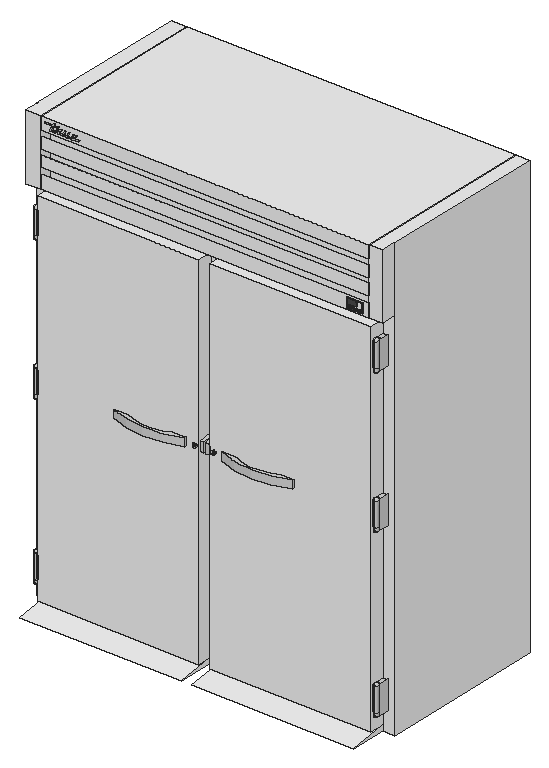
Revit family
Parameters
  Weight in Pounds = 0
  Watts = Volts * FL Amps  # 920 W
  Volts = 115 V
  URL Cutsheet = "www.truemfg.com"
  URL = "www.truemfg.com"
  Type Mark [instance] = ""
  Type Comments = ""
  Status [instance] = ""
  Specification by User [instance] = ""
  Specification by Manufacturer = ""
  Show Logo [instance] = yes
  Show Clearance [instance] = yes
  Serial Number = ""
  Seismic Rating = ""
  SMACNA No = ""
  Revision Code [instance] = ""
  Phase = 1
  Omniclass Number and Title = ""
  Number of Poles [instance] = 1
  NAFEM Spec ID Number = ""
  Model = "STG2RRI-2S"
  Min Ckt Ampacity = 0 A
  Max Overcurrent Protection = 0 A
  Masterspec = ""
  Manufacturer = "TRUE FOOD SERVICE EQUIPMENT, INC."
  Length = 68"
  Item Number [instance] = ""
  Installed By [instance] = ""
  Identify Quantity as Lot [instance] = yes
  Height = 83 3/4"
  HP = "1 1/5"
  Furnished By [instance] = ""
  Foodservice Equipment Identifier [instance] = yes
  FL Amps = 8 A
  Electrical Remarks [instance] = ""
  Electric Connection Type [instance] = ""
  Elec Conn RI Height [instance] = 0"
  Elec Conn Connection Height [instance] = 0"
  Description = "Roll-in Solid Swing Door Freezer"
  Depth = 34 3/4"
  Cycle = 60 Hz
  Conn Plug = "14-20P"
  Conn Conduit = yes
  CSI MasterFormat = ""
  CSI Master Format = ""
  Apparent Power = if(Phase = 3, Volts * FL Amps * 1.73, Volts * FL Amps)  # 920 VA
Reference planes (in)
  plane 1 "BACK": y = 0
  plane 2: z = 0
  plane 3 "LEFT": x = 0
  plane 4 "RIGHT": x = 68
  plane 5 "FRONT": y = -34.75
  plane 6 "TOP": z = 83.75
  plane 7: x = 2.84375
  plane 8: y = -34.7042
  plane 9: x = 34
  plane 10: z = 69.90625
Forms (in)
  Extrusion 1, solid, material "QF_Finishes_Chrome - Satin"
    sketch origin (0.05, 0, 0) x (1, 0, 0) y (0, 1, 0)
      loop
        line (-0.05, 0) -> (-0.05, -32) -> (2.87859, -32) -> (2.87859, 0) -> (-0.05, 0)
    from 0 to 83.75
  Extrusion 2, solid, material "QF_Finishes_Chrome - Satin"
    sketch origin (50.15, 0, 0) x (1, 0, 0) y (0, 1, 0)
      loop
        line (15.15, 0) -> (15.15, -32) -> (17.85, -32) -> (17.85, 0) -> (15.15, 0)
    from 0 to 83.75
  Extrusion 3, solid, material "QF_Finishes_Chrome - Satin"
    sketch origin (0, 0, 0) x (0, 1, 0) y (0, 0, 1)
      loop
        line (-34.7042, 71.28125) -> (-32, 71.28125) -> (-32, 0) -> (0, 0) -> (0, 83.75) -> (-34.7042, 83.75) -> (-34.7042, 81.40578) -> (-32.5, 79.83852) -> (-32.5, 78.71625) -> (-34.7042, 80.28351) -> (-34.7042, 78.1498) -> (-32.5, 76.58254) -> (-32.5, 75.62178) -> (-34.7042, 77.18904) -> (-34.7042, 75.09284) -> (-32.5, 73.52557) -> (-32.5, 72.25) -> (-34.7042, 73.81726) -> (-34.7042, 71.28125)
    from 2.92859 to 65.3
  Extrusion 4, solid, material "QF_Finishes_Chrome - Satin"
    sketch origin (0, 0, 0) x (1, 0, 0) y (0, 1, 0)
      loop
        line (67.84782, -32) -> (65.3, -32) -> (65.3, -34.75) -> (67.84782, -34.75) -> (67.84782, -32)
    from 71.28125 to 83.75
  Extrusion 5, solid, material "QF_Finishes_Chrome - Satin"
    sketch origin (-50.125, 0, 0.25) x (1, 0, 0) y (0, 1, 0)
      loop
        line (53.05359, -32) -> (50.24109, -32) -> (50.24109, -34.75) -> (53.05359, -34.75) -> (53.05359, -32)
    from 71.03125 to 83.5
  Extrusion 6, solid, material "QF_Finishes_Chrome - Satin"
    sketch origin (8.03125, -1, -0.71875) x (1, 0, 0) y (0, 0, 1)
      loop
        line (26.96875, 1.71875) -> (57.65625, 1.71875) -> (57.65625, 70.625) -> (26.96875, 70.625) -> (26.96875, 1.71875)
    from 31 to 33.75
  Extrusion 7, solid, material "QF_Finishes_Handrails and Railings"
    sketch origin (91.34375, -0.25, 26.43519) x (1, 0, 0) y (0, 1, 0)
      loop
        line (-53.875, -34.5) -> (-53.875, -34.7)
        arc (-53.875, -34.7) -> (-47.075, -36.14405) -> (-40.275, -34.7) r 16.7325
        line (-40.275, -34.7) -> (-40.275, -34.5) -> (-42.675, -34.5)
        arc (-42.675, -34.5) -> (-47.075, -35.65816) -> (-51.475, -34.5) r 8.93715
        line (-51.475, -34.5) -> (-53.875, -34.5)
    from 10.87731 to 12.37731
  Extrusion 8, solid, material "QF_Finishes_Handrails and Railings"
    sketch origin (9.34375, -1.08467, -2) x (1, 0, 0) y (0, 0, 1)
      loop
        circle (26.4375, 40.0625) r 0.35
      loop
        line (26.47265, 40.33635) -> (26.41715, 40.33635) -> (26.41715, 39.76895) -> (26.47265, 39.76895) -> (26.47265, 40.33635)
    from 33.5 to 33.83066
  Extrusion 9, solid, material "QF_Finishes_Handrails and Railings", visible <- "Show Logo"
    sketch origin (0.33478, 0.06376, 5.00294) x (1, 0, 0) y (0, 0, 1)
      loop
        line (3.46044, 78.08731) -> (3.35478, 77.86073) -> (4.76027, 77.86073)
        arc (4.76027, 77.86073) -> (4.78879, 77.81028) -> (4.76027, 77.75984) r 0.05887
        line (4.76027, 77.75984) -> (4.39369, 76.97372)
        arc (4.39369, 76.97372) -> (4.39051, 76.90091) -> (4.43975, 76.84717) r 0.09523
        line (4.43975, 76.84717) -> (5.33844, 76.84717)
        arc (5.33844, 76.84717) -> (5.45192, 76.88295) -> (5.52436, 76.97735) r 0.19785
        line (5.52436, 76.97735) -> (5.81285, 77.59601) -> (6.0779, 77.59601)
        arc (6.0779, 77.59601) -> (6.14744, 77.57043) -> (6.13737, 77.49703) r 0.05911
        line (6.13737, 77.49703) -> (5.89598, 76.97937)
        arc (5.89598, 76.97937) -> (5.89974, 76.8934) -> (5.97231, 76.84717) r 0.09318
        line (5.97231, 76.84717) -> (6.76198, 76.84717)
        arc (6.76198, 76.84717) -> (6.82249, 76.86919) -> (6.85468, 76.92495) r 0.09412
        arc (6.85468, 76.92495) -> (6.87746, 76.86995) -> (6.93246, 76.84717) r 0.07778
        line (6.93246, 76.84717) -> (7.43246, 76.84717)
        arc (7.43246, 76.84717) -> (7.49022, 76.86265) -> (7.53251, 76.90493) r 0.11552
        arc (7.53251, 76.90493) -> (7.55275, 76.85606) -> (7.60162, 76.83581) r 0.06912
        line (7.60162, 76.83581) -> (8.31225, 76.83581)
        arc (8.31225, 76.83581) -> (8.37034, 76.85988) -> (8.39441, 76.91797) r 0.08216
        arc (8.39441, 76.91797) -> (8.44767, 76.86472) -> (8.52042, 76.84522) r 0.14551
        line (8.52042, 76.84522) -> (9.85158, 76.84522) -> (9.99946, 77.10134) -> (8.65678, 77.10134)
        arc (8.65678, 77.10134) -> (8.61972, 77.12704) -> (8.61834, 77.17211) r 0.05009
        line (8.61834, 77.17211) -> (8.64157, 77.22192)
        arc (8.64157, 77.22192) -> (8.67723, 77.26864) -> (8.73327, 77.28635) r 0.09747
        line (8.73327, 77.28635) -> (9.16485, 77.28635)
        arc (9.16485, 77.28635) -> (9.258, 77.31131) -> (9.32619, 77.3795) r 0.1863
        line (9.32619, 77.3795) -> (9.45119, 77.59601)
        arc (9.45119, 77.59601) -> (9.45119, 77.71157) -> (9.35111, 77.76934) r 0.11556
        line (9.35111, 77.76934) -> (8.89562, 77.76934)
        arc (8.89562, 77.76934) -> (8.7795, 77.74962) -> (8.69849, 77.66412) r 0.18605
        line (8.69849, 77.66412) -> (8.48204, 77.19993)
        arc (8.48204, 77.19993) -> (8.41815, 77.11667) -> (8.31806, 77.08511) r 0.1745
        line (8.31806, 77.08511) -> (7.84559, 77.08511)
        arc (7.84559, 77.08511) -> (7.78903, 77.14684) -> (7.79268, 77.23048) r 0.10939
        line (7.79268, 77.23048) -> (8.04395, 77.76934) -> (7.88403, 77.76934) -> (7.61781, 77.19844)
        arc (7.61781, 77.19844) -> (7.56609, 77.13103) -> (7.48505, 77.10548) r 0.14128
        line (7.48505, 77.10548) -> (7.15925, 77.10548)
        arc (7.15925, 77.10548) -> (7.10419, 77.17723) -> (7.116, 77.26689) r 0.11816
        line (7.116, 77.26689) -> (7.3503, 77.76934) -> (7.18514, 77.76934) -> (6.91546, 77.191)
        arc (6.91546, 77.191) -> (6.85285, 77.12839) -> (6.76733, 77.10548) r 0.17104
        line (6.76733, 77.10548) -> (6.29555, 77.10548)
        arc (6.29555, 77.10548) -> (6.21082, 77.14499) -> (6.20267, 77.23813) r 0.0935
        line (6.20267, 77.23813) -> (6.35774, 77.57069) -> (6.57695, 77.57069)
        arc (6.57695, 77.57069) -> (6.61395, 77.68217) -> (6.69267, 77.76934) r 0.2857
        line (6.69267, 77.76934) -> (5.83605, 77.76934)
        arc (5.83605, 77.76934) -> (5.74086, 77.74824) -> (5.67498, 77.67635) r 0.16212
        line (5.67498, 77.67635) -> (5.44279, 77.17841)
        arc (5.44279, 77.17841) -> (5.3894, 77.12502) -> (5.31647, 77.10548) r 0.14586
        line (5.31647, 77.10548) -> (4.80506, 77.10548)
        arc (4.80506, 77.10548) -> (4.76514, 77.15942) -> (4.77274, 77.22609) r 0.09155
        line (4.77274, 77.22609) -> (5.11018, 77.86073) -> (5.96155, 77.86073) -> (6.06721, 78.08731) -> (5.21584, 78.08731) -> (5.32149, 78.31388) -> (5.01862, 78.31388) -> (4.91297, 78.08731) -> (3.46044, 78.08731)
      loop
        arc (8.83805, 77.56363) -> (8.80119, 77.55375) -> (8.7742, 77.52676) r 0.07373
        line (8.7742, 77.52676) -> (8.75229, 77.45936)
        arc (8.75229, 77.45936) -> (8.76245, 77.43483) -> (8.78699, 77.42466) r 0.0347
        line (8.78699, 77.42466) -> (9.15948, 77.42466)
        arc (9.15948, 77.42466) -> (9.18632, 77.43061) -> (9.20812, 77.44734) r 0.0635
        line (9.20812, 77.44734) -> (9.22624, 77.53122)
        arc (9.22624, 77.53122) -> (9.22091, 77.55368) -> (9.20009, 77.56363) r 0.02676
        line (9.20009, 77.56363) -> (8.83805, 77.56363)
    from 34.76797 to 34.83173
  Extrusion 10, solid, material "QF_Finishes_White"
    sketch origin (-22.74812, 0.0458, -7.95638) x (1, 0, 0) y (0, 0, 1)
      loop
        line (83.81732, 81.35727) -> (83.81732, 79.60996) -> (86.72357, 79.60996) -> (86.72357, 81.35727) -> (83.81732, 81.35727)
    from 34.75 to 34.76797
  Extrusion 11, solid, material "QF_Finishes_Black"
    sketch origin (-22.74812, 0.0458, -7.95638) x (1, 0, 0) y (0, 0, 1)
      loop
        line (86.78607, 81.41977) -> (83.75482, 81.41977) -> (83.75482, 79.54746) -> (86.78607, 79.54746) -> (86.78607, 81.41977)
      loop
        spline (83.95482, 79.87872) -> (83.96333, 79.86254) -> (83.98831, 79.84747) -> (84.02804, 79.83452) -> (84.07982, 79.82459) -> (84.14011, 79.81835) -> (84.20482, 79.81622) -> (84.26952, 79.81835) -> (84.32982, 79.82459) -> (84.38159, 79.83452) -> (84.42132, 79.84747) -> (84.4463, 79.86254) -> (84.45482, 79.87872)
        spline (84.45482, 79.87872) -> (84.4463, 79.89489) -> (84.42132, 79.90997) -> (84.38159, 79.92291) -> (84.32982, 79.93284) -> (84.26952, 79.93909) -> (84.20482, 79.94122) -> (84.14011, 79.93909) -> (84.07982, 79.93284) -> (84.02804, 79.92291) -> (83.98831, 79.90997) -> (83.96333, 79.89489) -> (83.95482, 79.87872)
      loop
        spline (84.65083, 79.87872) -> (84.65935, 79.86254) -> (84.68432, 79.84747) -> (84.72405, 79.83452) -> (84.77583, 79.82459) -> (84.83612, 79.81835) -> (84.90083, 79.81622) -> (84.96553, 79.81835) -> (85.02583, 79.82459) -> (85.07761, 79.83452) -> (85.11734, 79.84747) -> (85.14231, 79.86254) -> (85.15083, 79.87872)
        spline (85.15083, 79.87872) -> (85.14231, 79.89489) -> (85.11734, 79.90997) -> (85.07761, 79.92291) -> (85.02583, 79.93284) -> (84.96553, 79.93909) -> (84.90083, 79.94122) -> (84.83612, 79.93909) -> (84.77583, 79.93284) -> (84.72405, 79.92291) -> (84.68432, 79.90997) -> (84.65935, 79.89489) -> (84.65083, 79.87872)
      loop
        spline (85.40083, 79.87872) -> (85.40935, 79.86254) -> (85.43432, 79.84747) -> (85.47405, 79.83452) -> (85.52583, 79.82459) -> (85.58612, 79.81835) -> (85.65083, 79.81622) -> (85.71553, 79.81835) -> (85.77583, 79.82459) -> (85.82761, 79.83452) -> (85.86734, 79.84747) -> (85.89231, 79.86254) -> (85.90083, 79.87872)
        spline (85.90083, 79.87872) -> (85.89231, 79.89489) -> (85.86734, 79.90997) -> (85.82761, 79.92291) -> (85.77583, 79.93284) -> (85.71553, 79.93909) -> (85.65083, 79.94122) -> (85.58612, 79.93909) -> (85.52583, 79.93284) -> (85.47405, 79.92291) -> (85.43432, 79.90997) -> (85.40935, 79.89489) -> (85.40083, 79.87872)
      loop
        line (83.95481, 81.21978) -> (83.95481, 80.21978) -> (85.65433, 80.21978) -> (85.65433, 81.21978) -> (83.95481, 81.21978)
      loop
        line (86.72357, 81.35727) -> (83.81732, 81.35727) -> (83.81732, 79.60996) -> (86.72357, 79.60996) -> (86.72357, 81.35727)
      loop
        spline (86.15083, 79.87872) -> (86.15935, 79.86254) -> (86.18432, 79.84747) -> (86.22405, 79.83452) -> (86.27583, 79.82459) -> (86.33612, 79.81835) -> (86.40083, 79.81622) -> (86.46553, 79.81835) -> (86.52583, 79.82459) -> (86.57761, 79.83452) -> (86.61734, 79.84747) -> (86.64231, 79.86254) -> (86.65083, 79.87872)
        spline (86.65083, 79.87872) -> (86.64231, 79.89489) -> (86.61734, 79.90997) -> (86.57761, 79.92291) -> (86.52583, 79.93284) -> (86.46553, 79.93909) -> (86.40083, 79.94122) -> (86.33612, 79.93909) -> (86.27583, 79.93284) -> (86.22405, 79.92291) -> (86.18432, 79.90997) -> (86.15935, 79.89489) -> (86.15083, 79.87872)
    from 34.76797 to 34.80335
  Extrusion 12, solid
    sketch origin (-25.125, 0, 0) x (1, 0, 0) y (0, 0, 1)
      loop
        circle (89.875, 81.625) r 0.25
    from 0 to 0.0625
  Blend 13, solid, material "QF_Finishes_Handrails and Railings"
    base sketch origin (60.25, -1, 0) x (-1, 0, 0) y (0, 0, -1)
      loop
        line (25.25, -38.99169) -> (26, -38.99169) -> (26, -37.24169) -> (25.25, -37.24169) -> (25.25, -38.99169)
    top sketch origin (60.25, 0, 0) x (-1, 0, 0) y (0, 0, -1)
      loop
        line (26.18223, -36.6441) -> (25.25, -36.6441) -> (25.25, -39.42643) -> (26.18223, -39.42643) -> (26.18223, -36.6441)
    from 33.57883 to 32
  Extrusion 14, solid, material "QF_Finishes_Handrails and Railings"
    sketch origin (66.78125, 0, 3.5) x (0, 1, 0) y (0, 0, -1)
      loop
        line (-32, -64.17729) -> (-32, -58.86127) -> (-34.25, -58.86127) -> (-34.25, -59.57348) -> (-33.81497, -59.57348) -> (-33.81497, -63.97276)
        arc (-33.81497, -63.97276) -> (-33.75506, -64.11738) -> (-33.61044, -64.17729) r 0.20453
        line (-33.61044, -64.17729) -> (-32, -64.17729)
    from 0.17506 to 1
  Revolve 15, solid, material "QF_Finishes_Handrails and Railings"
    sketch origin (66.28125, 0, 3.5) x (0, 1, 0) y (0, 0, -1)
      loop
        line (-34.26563, -59.62689) -> (-34.67229, -59.62689) -> (-34.67229, -64.0986)
        arc (-34.67229, -64.0986) -> (-34.53722, -64.35057) -> (-34.26563, -64.43983) r 0.3848
        line (-34.26563, -64.43983) -> (-34.26563, -59.62689)
      loop
        line (-34.26563, -59.57348) -> (-34.26563, -58.67281)
        arc (-34.26563, -58.67281) -> (-34.53264, -58.75883) -> (-34.67229, -59.00212) r 0.38884
        line (-34.67229, -59.00212) -> (-34.67229, -59.57348) -> (-34.26563, -59.57348)
      axis (-34.26563, -58.67281) -> (-34.26563, -64.43983)
    angle from 0 to 360
  Extrusion 16, solid, material "QF_Finishes_Handrails and Railings"
    sketch origin (27.5, -1.07734, 3.5011) x (-1, 0, 0) y (0, 0, -1)
      loop
        line (-38.58509, -64.0986) -> (-38.1875, -64.0986) -> (-38.1875, -59.62579) -> (-38.58509, -59.62579) -> (-38.58509, -64.0986)
    from 32.81497 to 33.59495
  Extrusion 17, solid, material "QF_Finishes_Handrails and Railings"
    sketch origin (66.78125, 0, -24) x (0, 1, 0) y (0, 0, -1)
      loop
        line (-32, -64.55229) -> (-32, -59.23627) -> (-34.25, -59.23627) -> (-34.25, -59.94848) -> (-33.81497, -59.94848) -> (-33.81497, -64.34776)
        arc (-33.81497, -64.34776) -> (-33.75506, -64.49238) -> (-33.61044, -64.55229) r 0.20453
        line (-33.61044, -64.55229) -> (-32, -64.55229)
    from 0.17506 to 1
  Revolve 18, solid, material "QF_Finishes_Handrails and Railings"
    sketch origin (66.28125, 0, -24) x (0, 1, 0) y (0, 0, -1)
      loop
        line (-34.26563, -60.00189) -> (-34.67229, -60.00189) -> (-34.67229, -64.4736)
        arc (-34.67229, -64.4736) -> (-34.53722, -64.72557) -> (-34.26563, -64.81483) r 0.3848
        line (-34.26563, -64.81483) -> (-34.26563, -60.00189)
      loop
        line (-34.26563, -59.94848) -> (-34.26563, -59.04781)
        arc (-34.26563, -59.04781) -> (-34.53264, -59.13383) -> (-34.67229, -59.37712) r 0.38884
        line (-34.67229, -59.37712) -> (-34.67229, -59.94848) -> (-34.26563, -59.94848)
      axis (-34.26563, -59.04781) -> (-34.26563, -64.81483)
    angle from 0 to 360
  Extrusion 19, solid, material "QF_Finishes_Handrails and Railings"
    sketch origin (27.5, -1.07734, -23.9989) x (-1, 0, 0) y (0, 0, -1)
      loop
        line (-38.58509, -64.4736) -> (-38.1875, -64.4736) -> (-38.1875, -60.00079) -> (-38.58509, -60.00079) -> (-38.58509, -64.4736)
    from 32.81497 to 33.59495
  Extrusion 20, solid, material "QF_Finishes_Handrails and Railings"
    sketch origin (66.78125, 0, -55.5) x (0, 1, 0) y (0, 0, -1)
      loop
        line (-32, -64.55229) -> (-32, -59.23627) -> (-34.25, -59.23627) -> (-34.25, -59.94848) -> (-33.81497, -59.94848) -> (-33.81497, -64.34776)
        arc (-33.81497, -64.34776) -> (-33.75506, -64.49238) -> (-33.61044, -64.55229) r 0.20453
        line (-33.61044, -64.55229) -> (-32, -64.55229)
    from 0.17506 to 1
  Revolve 21, solid, material "QF_Finishes_Handrails and Railings"
    sketch origin (66.28125, 0, -55.5) x (0, 1, 0) y (0, 0, -1)
      loop
        line (-34.26563, -60.00189) -> (-34.67229, -60.00189) -> (-34.67229, -64.4736)
        arc (-34.67229, -64.4736) -> (-34.53722, -64.72557) -> (-34.26563, -64.81483) r 0.3848
        line (-34.26563, -64.81483) -> (-34.26563, -60.00189)
      loop
        line (-34.26563, -59.94848) -> (-34.26563, -59.04781)
        arc (-34.26563, -59.04781) -> (-34.53264, -59.13383) -> (-34.67229, -59.37712) r 0.38884
        line (-34.67229, -59.37712) -> (-34.67229, -59.94848) -> (-34.26563, -59.94848)
      axis (-34.26563, -59.04781) -> (-34.26563, -64.81483)
    angle from 0 to 360
  Extrusion 22, solid, material "QF_Finishes_Handrails and Railings"
    sketch origin (27.5, -1.07734, -55.4989) x (-1, 0, 0) y (0, 0, -1)
      loop
        line (-38.58509, -64.4736) -> (-38.1875, -64.4736) -> (-38.1875, -60.00079) -> (-38.58509, -60.00079) -> (-38.58509, -64.4736)
    from 32.81497 to 33.59495
  Extrusion 23, solid, material "QF_Finishes_Chrome - Satin"
    sketch origin (65.6875, -1, 8.03125) x (0, 0, 1) y (0, -1, 0)
      loop
        line (-8.03125, 37.875) -> (-8.03125, 31) -> (-7.03125, 31) -> (-8.03125, 37.875)
    from 0 to -30.6875
  Extrusion 24, solid, material "QF_Finishes_Chrome - Satin"
    sketch origin (59.96875, -1, -0.71875) x (-1, 0, 0) y (0, 0, -1)
      loop
        line (26.96875, -1.71875) -> (26.96875, -70.625) -> (57.65625, -70.625) -> (57.65625, -1.71875) -> (26.96875, -1.71875)
    from 31 to 33.75
  Extrusion 25, solid, material "QF_Finishes_Handrails and Railings"
    sketch origin (-23.34375, -0.25, 26.43519) x (1, 0, 0) y (0, 1, 0)
      loop
        line (53.875, -34.5) -> (51.475, -34.5)
        arc (51.475, -34.5) -> (47.075, -35.65816) -> (42.675, -34.5) r 8.93715
        line (42.675, -34.5) -> (40.275, -34.5) -> (40.275, -34.7)
        arc (40.275, -34.7) -> (47.075, -36.14405) -> (53.875, -34.7) r 16.7325
        line (53.875, -34.7) -> (53.875, -34.5)
    from 10.87731 to 12.37731
  Extrusion 26, solid, material "QF_Finishes_Handrails and Railings"
    sketch origin (58.65625, -1.08467, -2) x (-1, 0, 0) y (0, 0, -1)
      loop
        circle (26.4375, -40.0625) r 0.35
      loop
        line (26.47265, -40.33635) -> (26.47265, -39.76895) -> (26.41715, -39.76895) -> (26.41715, -40.33635) -> (26.47265, -40.33635)
    from 33.5 to 33.83066
  Blend 27, solid, material "QF_Finishes_Handrails and Railings"
    base sketch origin (7.75, -1, 0) x (1, 0, 0) y (0, 0, 1)
      loop
        line (25.25, 38.99169) -> (25.25, 37.24169) -> (26, 37.24169) -> (26, 38.99169) -> (25.25, 38.99169)
    top sketch origin (7.75, 0, 0) x (1, 0, 0) y (0, 0, 1)
      loop
        line (26.18223, 36.6441) -> (26.18223, 39.42643) -> (25.25, 39.42643) -> (25.25, 36.6441) -> (26.18223, 36.6441)
    from 33.57883 to 32
  Extrusion 28, solid, material "QF_Finishes_Handrails and Railings"
    sketch origin (1.21875, 0, 3.5) x (0, 1, 0) y (0, 0, 1)
      loop
        line (-32, 64.17729) -> (-33.61044, 64.17729)
        arc (-33.61044, 64.17729) -> (-33.75506, 64.11738) -> (-33.81497, 63.97276) r 0.20453
        line (-33.81497, 63.97276) -> (-33.81497, 59.57348) -> (-34.25, 59.57348) -> (-34.25, 58.86127) -> (-32, 58.86127) -> (-32, 64.17729)
    from 0.17506 to 1
  Revolve 29, solid, material "QF_Finishes_Handrails and Railings"
    sketch origin (1.71875, 0, 3.5) x (0, 1, 0) y (0, 0, 1)
      loop
        line (-34.26563, 59.62689) -> (-34.26563, 64.43983)
        arc (-34.26563, 64.43983) -> (-34.53722, 64.35057) -> (-34.67229, 64.0986) r 0.3848
        line (-34.67229, 64.0986) -> (-34.67229, 59.62689) -> (-34.26563, 59.62689)
      loop
        line (-34.26563, 59.57348) -> (-34.67229, 59.57348) -> (-34.67229, 59.00212)
        arc (-34.67229, 59.00212) -> (-34.53264, 58.75883) -> (-34.26563, 58.67281) r 0.38884
        line (-34.26563, 58.67281) -> (-34.26563, 59.57348)
      axis (-34.26563, 58.67281) -> (-34.26563, 64.43983)
    angle from 0 to 360
  Extrusion 30, solid, material "QF_Finishes_Handrails and Railings"
    sketch origin (40.5, -1.07734, 3.5011) x (1, 0, 0) y (0, 0, 1)
      loop
        line (-38.58509, 64.0986) -> (-38.58509, 59.62579) -> (-38.1875, 59.62579) -> (-38.1875, 64.0986) -> (-38.58509, 64.0986)
    from 32.81497 to 33.59495
  Extrusion 31, solid, material "QF_Finishes_Handrails and Railings"
    sketch origin (1.21875, 0, -24) x (0, 1, 0) y (0, 0, 1)
      loop
        line (-32, 64.55229) -> (-33.61044, 64.55229)
        arc (-33.61044, 64.55229) -> (-33.75506, 64.49238) -> (-33.81497, 64.34776) r 0.20453
        line (-33.81497, 64.34776) -> (-33.81497, 59.94848) -> (-34.25, 59.94848) -> (-34.25, 59.23627) -> (-32, 59.23627) -> (-32, 64.55229)
    from 0.17506 to 1
  Revolve 32, solid, material "QF_Finishes_Handrails and Railings"
    sketch origin (1.71875, 0, -24) x (0, 1, 0) y (0, 0, 1)
      loop
        line (-34.26563, 60.00189) -> (-34.26563, 64.81483)
        arc (-34.26563, 64.81483) -> (-34.53722, 64.72557) -> (-34.67229, 64.4736) r 0.3848
        line (-34.67229, 64.4736) -> (-34.67229, 60.00189) -> (-34.26563, 60.00189)
      loop
        line (-34.26563, 59.94848) -> (-34.67229, 59.94848) -> (-34.67229, 59.37712)
        arc (-34.67229, 59.37712) -> (-34.53264, 59.13383) -> (-34.26563, 59.04781) r 0.38884
        line (-34.26563, 59.04781) -> (-34.26563, 59.94848)
      axis (-34.26563, 59.04781) -> (-34.26563, 64.81483)
    angle from 0 to 360
  Extrusion 33, solid, material "QF_Finishes_Handrails and Railings"
    sketch origin (40.5, -1.07734, -23.9989) x (1, 0, 0) y (0, 0, 1)
      loop
        line (-38.58509, 64.4736) -> (-38.58509, 60.00079) -> (-38.1875, 60.00079) -> (-38.1875, 64.4736) -> (-38.58509, 64.4736)
    from 32.81497 to 33.59495
  Extrusion 34, solid, material "QF_Finishes_Handrails and Railings"
    sketch origin (1.21875, 0, -55.5) x (0, 1, 0) y (0, 0, 1)
      loop
        line (-32, 64.55229) -> (-33.61044, 64.55229)
        arc (-33.61044, 64.55229) -> (-33.75506, 64.49238) -> (-33.81497, 64.34776) r 0.20453
        line (-33.81497, 64.34776) -> (-33.81497, 59.94848) -> (-34.25, 59.94848) -> (-34.25, 59.23627) -> (-32, 59.23627) -> (-32, 64.55229)
    from 0.17506 to 1
  Revolve 35, solid, material "QF_Finishes_Handrails and Railings"
    sketch origin (1.71875, 0, -55.5) x (0, 1, 0) y (0, 0, 1)
      loop
        line (-34.26563, 60.00189) -> (-34.26563, 64.81483)
        arc (-34.26563, 64.81483) -> (-34.53722, 64.72557) -> (-34.67229, 64.4736) r 0.3848
        line (-34.67229, 64.4736) -> (-34.67229, 60.00189) -> (-34.26563, 60.00189)
      loop
        line (-34.26563, 59.94848) -> (-34.67229, 59.94848) -> (-34.67229, 59.37712)
        arc (-34.67229, 59.37712) -> (-34.53264, 59.13383) -> (-34.26563, 59.04781) r 0.38884
        line (-34.26563, 59.04781) -> (-34.26563, 59.94848)
      axis (-34.26563, 59.04781) -> (-34.26563, 64.81483)
    angle from 0 to 360
  Extrusion 36, solid, material "QF_Finishes_Handrails and Railings"
    sketch origin (40.5, -1.07734, -55.4989) x (1, 0, 0) y (0, 0, 1)
      loop
        line (-38.58509, 64.4736) -> (-38.58509, 60.00079) -> (-38.1875, 60.00079) -> (-38.1875, 64.4736) -> (-38.58509, 64.4736)
    from 32.81497 to 33.59495
  Extrusion 37, solid, material "QF_Finishes_Chrome - Satin"
    sketch origin (2.3125, -1, 8.03125) x (0, 0, 1) y (0, 1, 0)
      loop
        line (-8.03125, -37.875) -> (-7.03125, -31) -> (-8.03125, -31) -> (-8.03125, -37.875)
    from 0 to -30.6875
  Extrusion 38, solid, material "QF_Finishes_Door Clearance", visible <- "Show Clearance", detail levels coarse
    sketch origin (32.71875, -1, 1) x (0, 1, 0) y (1, 0, 0)
      loop
        line (-33.75, -30.40625) -> (-33.75, 0.28125)
        arc (-33.75, 0.28125) -> (-55.44934, -8.70691) -> (-64.4375, -30.40625) r 30.6875
        line (-64.4375, -30.40625) -> (-33.75, -30.40625)
      loop
        line (-33.75, 32.96875) -> (-64.4375, 32.96875)
        arc (-64.4375, 32.96875) -> (-55.44934, 11.26941) -> (-33.75, 2.28125) r 30.6875
        line (-33.75, 2.28125) -> (-33.75, 32.96875)
    from 0 to -68.90625
Cuts and joins
  joined: Extrusion 1, Extrusion 2, Extrusion 4, Extrusion 5
Lines and regions (in)
  symbolic lines
    curve 1: line (0, 0, 0) -> (68, 0, 0)
    curve 2: line (0, -34.75, 0) -> (0, 0, 0)
    curve 3: line (68, -34.75, 0) -> (0, -34.75, 0)
    curve 4: line (68, 0, 0) -> (68, -34.75, 0)
    curve 5: line (68, -32.5, 0) -> (0, -32.5, 0)
    curve 6: arc (28.13125, -34.75, 0) -> (23.73125, -35.90816, 0) -> (19.33125, -34.75, 0) r 8.93715
    curve 7: arc (16.93125, -34.95, 0) -> (23.73125, -36.39405, 0) -> (30.53125, -34.95, 0) r 16.7325
    curve 8: line (16.93125, -34.75, 0) -> (16.93125, -34.95, 0)
    curve 9: line (30.53125, -34.95, 0) -> (30.53125, -34.75, 0)
    curve 10: arc (48.66875, -34.75, 0) -> (44.26875, -35.90816, 0) -> (39.86875, -34.75, 0) r 8.93715
    curve 11: arc (37.46875, -34.95, 0) -> (44.26875, -36.39405, 0) -> (51.06875, -34.95, 0) r 16.7325
    curve 12: line (37.46875, -34.75, 0) -> (37.46875, -34.95, 0)
    curve 13: line (51.06875, -34.95, 0) -> (51.06875, -34.75, 0)
  symbolic lines, style "QF_Door Swings", visible <- "Show Clearance", detail levels coarse
    curve 14: line (2.3125, -34.75, 0) -> (2.3125, -65.4375, 0)
    curve 15: arc (33, -34.75, 0) -> (24.01184, -56.44934, 0) -> (2.3125, -65.4375, 0) r 30.6875
    curve 16: arc (65.6875, -65.4375, 0) -> (43.98816, -56.44934, 0) -> (35, -34.75, 0) r 30.6875
    curve 17: line (65.6875, -65.4375, 0) -> (65.6875, -34.75, 0)
Dimensions and locks (in)
  "Depth": plane 5 "FRONT" to plane 1 "BACK"
  plane 6 "TOP" to level = 83 3/4"  (x2)
  Extrusion 6 sketch curve to Extrusion 6 sketch curve = 30 11/16"
  Extrusion 6 to plane 1 "BACK" = 34 3/4"
  "Length": plane 3 "LEFT" to plane 4 "RIGHT"
  plane 4 "RIGHT" to plane 3 "LEFT" = 68"
  equal spacing: plane 3 "LEFT", plane 9, plane 4 "RIGHT"
  Extrusion 24 sketch curve to Extrusion 24 sketch curve = 30 11/16"
  plane 10 to level = 69 29/32"
  aligned and locked: level to plane 2
Automatic sketch dimensions
  plane 1 "BACK" to curve 1 = 0"
  curve 1 to plane 3 "LEFT" = 0"
  plane 5 "FRONT" to curve 8 = 0"
  curve 4 to plane 4 "RIGHT" = 0"
  plane 5 "FRONT" to curve 7 = 0.2"
  plane 7 to curve 7 = 14.0875"
  curve 8 to curve 6 = 2.4"
  curve 6 to curve 6 = 4.4"
  curve 7 to curve 6 = 0"
  plane 5 "FRONT" to curve 9 = 0.2"
  plane 5 "FRONT" to curve 12 = 0.2"
  curve 12 to plane 9 = 3 15/32"
  curve 12 to curve 10 = 2.4"
  curve 10 to curve 10 = 4.4"
  curve 11 to curve 10 = 0"
  plane 5 "FRONT" to curve 11 = 0.2"
  curve 5 to plane 5 "FRONT" = 2 1/4"
  curve 10 to plane 5 "FRONT" = 7.77899"
  curve 6 to plane 5 "FRONT" = 7.77899"
  curve 10 to curve 11 = 7.30945"
  curve 6 to curve 7 = 7.30945"
  Extrusion 1 sketch curve to plane 3 "LEFT" = 0"
  plane 1 "BACK" to Extrusion 1 sketch curve = 0"
  plane 7 to Extrusion 1 sketch curve = 0.08484"
  Extrusion 1 sketch curve to plane 5 "FRONT" = 2 3/4"
  plane 1 "BACK" to Extrusion 2 sketch curve = 0"
  Extrusion 2 sketch curve to plane 4 "RIGHT" = 0"
  Extrusion 2 sketch curve to plane 4 "RIGHT" = 2.7"
  Extrusion 2 sketch curve to plane 5 "FRONT" = 2 3/4"
  Extrusion 3 sketch curve to plane 8 = 0"  (x4)
  Extrusion 3 sketch curve to level = 0"
  Extrusion 3 sketch curve to plane 6 "TOP" = 0"
  plane 8 to Extrusion 3 sketch curve = 2.2042"  (x2)
  Extrusion 3 sketch curve to Extrusion 3 sketch curve = 0"
  Extrusion 3 sketch curve to Extrusion 3 sketch curve = 1/2"
  plane 1 "BACK" to Extrusion 3 sketch curve = 0"
  Extrusion 3 sketch curve to plane 6 "TOP" = 12 15/32"
  Extrusion 3 sketch curve to Extrusion 3 sketch curve = 31/32"
  Extrusion 3 sketch curve to Extrusion 3 sketch curve = 1.27557"  (x2)
  Extrusion 3 sketch curve to Extrusion 3 sketch curve = 0.29169"
  Extrusion 3 sketch curve to Extrusion 3 sketch curve = 2.0962"  (x2)
  Extrusion 3 sketch curve to Extrusion 3 sketch curve = 0.96076"  (x2)
  Extrusion 3 sketch curve to Extrusion 3 sketch curve = 2.13371"  (x2)
  Extrusion 3 sketch curve to Extrusion 3 sketch curve = 1.12227"  (x2)
  plane 5 "FRONT" to Extrusion 4 sketch curve = 0"
  Extrusion 4 sketch curve to plane 4 "RIGHT" = 2.7"
  Extrusion 4 sketch curve to plane 4 "RIGHT" = 0.15218"
  Extrusion 4 sketch curve to plane 5 "FRONT" = 2 3/4"
  plane 5 "FRONT" to Extrusion 5 sketch curve = 0"
  plane 3 "LEFT" to Extrusion 5 sketch curve = 0.11609"
  plane 7 to Extrusion 5 sketch curve = 0.08484"
  Extrusion 5 sketch curve to plane 5 "FRONT" = 2 3/4"
  Extrusion 6 sketch curve to plane 9 = 1"
  level to Extrusion 6 sketch curve = 1"
  Extrusion 6 sketch curve to plane 6 "TOP" = 13 27/32"
  plane 5 "FRONT" to Extrusion 7 sketch curve = 0"  (x2)
  Extrusion 7 sketch curve to plane 9 = 3 15/32"
  Extrusion 7 sketch curve to Extrusion 7 sketch curve = 2.4"  (x2)
  Extrusion 7 sketch curve to Extrusion 7 sketch curve = 4.4"
  Extrusion 7 sketch curve to Extrusion 7 sketch curve = 0"
  Extrusion 7 sketch curve to Extrusion 7 sketch curve = 0.2"
  Extrusion 7 sketch curve to plane 5 "FRONT" = 7.77899"
  Extrusion 7 sketch curve to Extrusion 7 sketch curve = 7.30945"
  Extrusion 8 sketch curve to plane 9 = 1.7609"
  Extrusion 8 sketch curve to Extrusion 8 sketch curve = 0.02035"
  Extrusion 8 sketch curve to Extrusion 8 sketch curve = 0.0555"
  level to Extrusion 8 sketch curve = 37.76895"
  Extrusion 8 sketch curve to Extrusion 8 sketch curve = 0.29355"
  Extrusion 8 sketch curve to Extrusion 8 sketch curve = 0.27385"
  plane 7 to Extrusion 9 sketch curve = 0.84582"
  Extrusion 9 sketch curve to Extrusion 9 sketch curve = 0.10565"  (x5)
  Extrusion 9 sketch curve to Extrusion 9 sketch curve = 1.03891"
  Extrusion 9 sketch curve to Extrusion 9 sketch curve = 0.04606"
  Extrusion 9 sketch curve to Extrusion 9 sketch curve = 0.08631"
  Extrusion 9 sketch curve to Extrusion 9 sketch curve = 0.33624"
  Extrusion 9 sketch curve to Extrusion 9 sketch curve = 0.03034"  (x2)
  Extrusion 9 sketch curve to Extrusion 9 sketch curve = 0.29274"
  Extrusion 9 sketch curve to Extrusion 9 sketch curve = 0.03232"
  Extrusion 9 sketch curve to Extrusion 9 sketch curve = 0.04851"
  Extrusion 9 sketch curve to plane 6 "TOP" = 0.65975"
  Extrusion 9 sketch curve to Extrusion 9 sketch curve = 0.1527"
  Extrusion 9 sketch curve to plane 6 "TOP" = 0.43317"
  Extrusion 9 sketch curve to Extrusion 9 sketch curve = 0.19721"
  Extrusion 9 sketch curve to Extrusion 9 sketch curve = 0.4629"
  Extrusion 9 sketch curve to Extrusion 9 sketch curve = 0.02197"
  Extrusion 9 sketch curve to Extrusion 9 sketch curve = 0.12632"
  Extrusion 9 sketch curve to Extrusion 9 sketch curve = 0.18591"
  Extrusion 9 sketch curve to plane 6 "TOP" = 1.0707"
  Extrusion 9 sketch curve to Extrusion 9 sketch curve = 0.2322"
  Extrusion 9 sketch curve to Extrusion 9 sketch curve = 0.13786"
  Extrusion 9 sketch curve to Extrusion 9 sketch curve = 0.00907"
  Extrusion 9 sketch curve to Extrusion 9 sketch curve = 0.01413"
  Extrusion 9 sketch curve to Extrusion 9 sketch curve = 0.37162"
  Extrusion 9 sketch curve to plane 6 "TOP" = 0.88633"
  Extrusion 9 sketch curve to Extrusion 9 sketch curve = 0.12551"
  Extrusion 9 sketch curve to Extrusion 9 sketch curve = 0.07633"
  Extrusion 9 sketch curve to Extrusion 9 sketch curve = 0.08445"
  Extrusion 9 sketch curve to Extrusion 9 sketch curve = 0.25598"
  Extrusion 9 sketch curve to Extrusion 9 sketch curve = 0.01887"
  Extrusion 9 sketch curve to Extrusion 9 sketch curve = 0.04061"
  Extrusion 9 sketch curve to plane 6 "TOP" = 1.50892"
  Extrusion 9 sketch curve to Extrusion 9 sketch curve = 0.0653"
  Extrusion 9 sketch curve to Extrusion 9 sketch curve = 0.08474"
  Extrusion 9 sketch curve to Extrusion 9 sketch curve = 0.00815"
  Extrusion 9 sketch curve to Extrusion 9 sketch curve = 0.22037"
  Extrusion 9 sketch curve to Extrusion 9 sketch curve = 0.21921"
  Extrusion 9 sketch curve to Extrusion 9 sketch curve = 0.11572"
  Extrusion 9 sketch curve to Extrusion 9 sketch curve = 0.46643"
  Extrusion 9 sketch curve to Extrusion 9 sketch curve = 0.00535"
  Extrusion 9 sketch curve to Extrusion 9 sketch curve = 0.09269"
  Extrusion 9 sketch curve to Extrusion 9 sketch curve = 0.09348"
  Extrusion 9 sketch curve to Extrusion 9 sketch curve = 0.14812"
  Extrusion 9 sketch curve to Extrusion 9 sketch curve = 0.07778"
  Extrusion 9 sketch curve to Extrusion 9 sketch curve = 0.20054"
  Extrusion 9 sketch curve to Extrusion 9 sketch curve = 0.04325"
  Extrusion 9 sketch curve to plane 6 "TOP" = 0.97771"  (x2)
  Extrusion 9 sketch curve to Extrusion 9 sketch curve = 0.32433"
  Extrusion 9 sketch curve to Extrusion 9 sketch curve = 0.10233"  (x2)
  Extrusion 9 sketch curve to Extrusion 9 sketch curve = 0.16515"
  Extrusion 9 sketch curve to Extrusion 9 sketch curve = 0.27321"
  Extrusion 9 sketch curve to Extrusion 9 sketch curve = 0.0526"
  Extrusion 9 sketch curve to Extrusion 9 sketch curve = 0.10005"
  Extrusion 9 sketch curve to Extrusion 9 sketch curve = 0.06912"
  Extrusion 9 sketch curve to Extrusion 9 sketch curve = 0.13276"
  Extrusion 9 sketch curve to plane 6 "TOP" = 1.51658"
  Extrusion 9 sketch curve to Extrusion 9 sketch curve = 0.17486"
  Extrusion 9 sketch curve to Extrusion 9 sketch curve = 0.05291"
  Extrusion 9 sketch curve to Extrusion 9 sketch curve = 0.53374"
  Extrusion 9 sketch curve to Extrusion 9 sketch curve = 0.09914"
  Extrusion 9 sketch curve to Extrusion 9 sketch curve = 0.15992"
  Extrusion 9 sketch curve to Extrusion 9 sketch curve = 0.46666"
  Extrusion 9 sketch curve to Extrusion 9 sketch curve = 0.00582"
  Extrusion 9 sketch curve to Extrusion 9 sketch curve = 0.08216"
  Extrusion 9 sketch curve to Extrusion 9 sketch curve = 0.16397"
  Extrusion 9 sketch curve to Extrusion 9 sketch curve = 0.12601"
  Extrusion 9 sketch curve to plane 6 "TOP" = 1.57494"
  Extrusion 9 sketch curve to Extrusion 9 sketch curve = 0.1363"
  Extrusion 9 sketch curve to plane 6 "TOP" = 1.52514"
  Extrusion 9 sketch curve to Extrusion 9 sketch curve = 0.02323"
  Extrusion 9 sketch curve to Extrusion 9 sketch curve = 0.03844"
  Extrusion 9 sketch curve to Extrusion 9 sketch curve = 0.0454"
  Extrusion 9 sketch curve to Extrusion 9 sketch curve = 0.05693"
  Extrusion 9 sketch curve to Extrusion 9 sketch curve = 0.0917"
  Extrusion 9 sketch curve to Extrusion 9 sketch curve = 0.01902"
  Extrusion 9 sketch curve to Extrusion 9 sketch curve = 0.02191"
  Extrusion 9 sketch curve to Extrusion 9 sketch curve = 0.0347"
  Extrusion 9 sketch curve to Extrusion 9 sketch curve = 0.06385"
  Extrusion 9 sketch curve to Extrusion 9 sketch curve = 0.02906"
  Extrusion 9 sketch curve to Extrusion 9 sketch curve = 0.02851"
  Extrusion 9 sketch curve to Extrusion 9 sketch curve = 0.29237"
  Extrusion 9 sketch curve to Extrusion 9 sketch curve = 0.00537"
  Extrusion 9 sketch curve to Extrusion 9 sketch curve = 0.0406"
  Extrusion 9 sketch curve to plane 6 "TOP" = 1.29971"
  Extrusion 9 sketch curve to Extrusion 9 sketch curve = 0.04327"
  Extrusion 9 sketch curve to Extrusion 9 sketch curve = 0.02615"
  Extrusion 9 sketch curve to plane 6 "TOP" = 1.36755"
  Extrusion 9 sketch curve to Extrusion 9 sketch curve = 0.11806"
  Extrusion 9 sketch curve to Extrusion 9 sketch curve = 0.15103"
  Extrusion 9 sketch curve to Extrusion 9 sketch curve = 0.10007"
  Extrusion 9 sketch curve to Extrusion 9 sketch curve = 0.5254"
  Extrusion 9 sketch curve to plane 6 "TOP" = 1.64572"
  Extrusion 9 sketch curve to Extrusion 9 sketch curve = 0.14787"
  Extrusion 9 sketch curve to Extrusion 9 sketch curve = 0.14537"
  Extrusion 9 sketch curve to Extrusion 9 sketch curve = 0.63134"
  Extrusion 9 sketch curve to Extrusion 9 sketch curve = 0.11061"
  Extrusion 9 sketch curve to Extrusion 9 sketch curve = 0.25876"
  Extrusion 9 sketch curve to Extrusion 9 sketch curve = 0.06767"
  Extrusion 9 sketch curve to Extrusion 9 sketch curve = 0.12655"
  Extrusion 9 sketch curve to Extrusion 9 sketch curve = 0.12242"
  Extrusion 9 sketch curve to Extrusion 9 sketch curve = 0.29684"
  Extrusion 9 sketch curve to Extrusion 9 sketch curve = 0.03938"
  Extrusion 9 sketch curve to Extrusion 9 sketch curve = 0.06046"
  Extrusion 9 sketch curve to Extrusion 9 sketch curve = 0.13266"
  Extrusion 9 sketch curve to Extrusion 9 sketch curve = 0.14279"
  Extrusion 9 sketch curve to Extrusion 9 sketch curve = 0.07293"
  Extrusion 9 sketch curve to Extrusion 9 sketch curve = 0.07764"
  Extrusion 9 sketch curve to Extrusion 9 sketch curve = 0.03794"
  Extrusion 9 sketch curve to Extrusion 9 sketch curve = 0.08552"
  Extrusion 9 sketch curve to Extrusion 9 sketch curve = 0.09296"
  Extrusion 9 sketch curve to Extrusion 9 sketch curve = 0.02781"
  Extrusion 9 sketch curve to Extrusion 9 sketch curve = 0.04799"
  Extrusion 9 sketch curve to Extrusion 9 sketch curve = 0.03054"
  Extrusion 9 sketch curve to Extrusion 9 sketch curve = 0.2589"
  Extrusion 9 sketch curve to Extrusion 9 sketch curve = 0.0674"
  Extrusion 9 sketch curve to Extrusion 9 sketch curve = 0.0324"
  Extrusion 9 sketch curve to Extrusion 9 sketch curve = 0.26185"
  Extrusion 9 sketch curve to Extrusion 9 sketch curve = 11/256"
  Extrusion 9 sketch curve to Extrusion 9 sketch curve = 0.07366"
  Extrusion 9 sketch curve to Extrusion 9 sketch curve = 0.02187"
  Extrusion 9 sketch curve to Extrusion 9 sketch curve = 0.06479"
  Extrusion 9 sketch curve to Extrusion 9 sketch curve = 0.05778"
  Extrusion 9 sketch curve to Extrusion 9 sketch curve = 0.32747"
  Extrusion 9 sketch curve to Extrusion 9 sketch curve = 0.05045"
  Extrusion 9 sketch curve to Extrusion 9 sketch curve = 29/128"
  Extrusion 10 sketch curve to plane 4 "RIGHT" = 6.9308"
  Extrusion 10 sketch curve to Extrusion 10 sketch curve = 2 29/32"
  Extrusion 10 sketch curve to plane 6 "TOP" = 12.09642"
  Extrusion 10 sketch curve to Extrusion 10 sketch curve = 1.74732"
  Extrusion 11 sketch curve to plane 4 "RIGHT" = 6.9933"
  Extrusion 11 sketch curve to Extrusion 11 sketch curve = 1/16"  (x4)
  Extrusion 11 sketch curve to Extrusion 11 sketch curve = 0.1375"  (x3)
  Extrusion 11 sketch curve to Extrusion 11 sketch curve = 1/4"  (x4)
  Extrusion 11 sketch curve to Extrusion 11 sketch curve = 0.44601"
  Extrusion 11 sketch curve to Extrusion 11 sketch curve = 1/2"  (x2)
  Extrusion 11 sketch curve to Extrusion 11 sketch curve = 0.0035"
  Extrusion 11 sketch curve to Extrusion 11 sketch curve = 1.06923"
  Extrusion 11 sketch curve to plane 6 "TOP" = 12.15892"
  Extrusion 11 sketch curve to Extrusion 11 sketch curve = 0.26876"  (x2)
  Extrusion 11 sketch curve to Extrusion 11 sketch curve = 0"  (x2)
  Extrusion 11 sketch curve to Extrusion 11 sketch curve = 0.34106"
  Extrusion 11 sketch curve to Extrusion 11 sketch curve = 1"
  Extrusion 12 sketch curve to plane 4 "RIGHT" = 3 1/4"
  Extrusion 12 sketch curve to plane 6 "TOP" = 2 1/8"
  Blend 13 sketch curve to plane 9 = 1"
  Blend 13 sketch curve to plane 9 = 1/4"
  level to Blend 13 sketch curve = 38.99169"
  Blend 13 sketch curve to Blend 13 sketch curve = 1 3/4"
  plane 9 to Blend 13 sketch curve = 1"
  plane 9 to Blend 13 sketch curve = 0.06777"
  Blend 13 sketch curve to level = 36.6441"
  Blend 13 sketch curve to Blend 13 sketch curve = 2.78233"
  Extrusion 14 sketch curve to plane 5 "FRONT" = 1/2"
  Extrusion 14 sketch curve to Extrusion 14 sketch curve = 0.43503"
  Extrusion 14 sketch curve to Extrusion 14 sketch curve = 0.20453"
  Extrusion 14 sketch curve to Extrusion 14 sketch curve = 1.61044"
  Extrusion 14 sketch curve to plane 6 "TOP" = 16.07271"
  Extrusion 14 sketch curve to Extrusion 14 sketch curve = 4.39928"
  Extrusion 14 sketch curve to Extrusion 14 sketch curve = 0.71221"
  Revolve 15 sketch curve to plane 5 "FRONT" = 0.07771"  (x2)
  Revolve 15 sketch curve to Revolve 15 sketch curve = 0.38242"
  Revolve 15 sketch curve to Revolve 15 sketch curve = 0.38436"
  Revolve 15 sketch curve to plane 5 "FRONT" = 31/64"
  Revolve 15 sketch curve to Revolve 15 sketch curve = 0.40666"
  Revolve 15 sketch curve to Revolve 15 sketch curve = 0"
  Revolve 15 sketch curve to plane 6 "TOP" = 15.25492"
  Revolve 15 sketch curve to Revolve 15 sketch curve = 0.55526"
  Revolve 15 sketch curve to Revolve 15 sketch curve = 0.19474"
  Revolve 15 sketch curve to Revolve 15 sketch curve = 0.14649"
  Revolve 15 sketch curve to Revolve 15 sketch curve = 4.42889"
  Revolve 15 sketch curve to Revolve 15 sketch curve = 0.05342"
  Revolve 15 sketch curve to Revolve 15 sketch curve = 0.51246"
  Revolve 15 sketch curve to Revolve 15 sketch curve = 0.05889"
  Extrusion 16 sketch curve to plane 4 "RIGHT" = 1.91491"
  Extrusion 16 sketch curve to Extrusion 16 sketch curve = 0.39759"
  Extrusion 16 sketch curve to plane 6 "TOP" = 16.1503"
  Extrusion 16 sketch curve to Extrusion 16 sketch curve = 4.47281"
  Extrusion 17 sketch curve to plane 5 "FRONT" = 1/2"
  Extrusion 17 sketch curve to Extrusion 17 sketch curve = 0.43503"
  Extrusion 17 sketch curve to Extrusion 17 sketch curve = 0.20453"
  Extrusion 17 sketch curve to Extrusion 17 sketch curve = 1.61044"
  level to Extrusion 17 sketch curve = 40.55229"
  Extrusion 17 sketch curve to Extrusion 17 sketch curve = 4.39928"
  Extrusion 17 sketch curve to Extrusion 17 sketch curve = 0.71221"
  Revolve 18 sketch curve to plane 5 "FRONT" = 0.07771"  (x2)
  Revolve 18 sketch curve to Revolve 18 sketch curve = 0.38242"
  Revolve 18 sketch curve to Revolve 18 sketch curve = 0.38436"
  Revolve 18 sketch curve to plane 5 "FRONT" = 31/64"
  Revolve 18 sketch curve to Revolve 18 sketch curve = 0.40666"
  Revolve 18 sketch curve to Revolve 18 sketch curve = 0"
  level to Revolve 18 sketch curve = 41.37008"
  Revolve 18 sketch curve to Revolve 18 sketch curve = 0.55526"
  Revolve 18 sketch curve to Revolve 18 sketch curve = 0.19474"
  Revolve 18 sketch curve to Revolve 18 sketch curve = 0.14649"
  Revolve 18 sketch curve to Revolve 18 sketch curve = 4.42889"
  Revolve 18 sketch curve to Revolve 18 sketch curve = 0.05342"
  Revolve 18 sketch curve to Revolve 18 sketch curve = 0.51246"
  Revolve 18 sketch curve to Revolve 18 sketch curve = 0.05889"
  Extrusion 19 sketch curve to plane 4 "RIGHT" = 1.91491"
  Extrusion 19 sketch curve to Extrusion 19 sketch curve = 0.39759"
  level to Extrusion 19 sketch curve = 40.4747"
  Extrusion 19 sketch curve to Extrusion 19 sketch curve = 4.47281"
  Extrusion 20 sketch curve to plane 5 "FRONT" = 1/2"
  Extrusion 20 sketch curve to Extrusion 20 sketch curve = 0.43503"
  Extrusion 20 sketch curve to Extrusion 20 sketch curve = 0.20453"
  Extrusion 20 sketch curve to Extrusion 20 sketch curve = 1.61044"
  level to Extrusion 20 sketch curve = 9.05229"
  Extrusion 20 sketch curve to Extrusion 20 sketch curve = 4.39928"
  Extrusion 20 sketch curve to Extrusion 20 sketch curve = 0.71221"
  Revolve 21 sketch curve to plane 5 "FRONT" = 0.07771"  (x2)
  Revolve 21 sketch curve to Revolve 21 sketch curve = 0.38242"
  Revolve 21 sketch curve to Revolve 21 sketch curve = 0.38436"
  Revolve 21 sketch curve to plane 5 "FRONT" = 31/64"
  Revolve 21 sketch curve to Revolve 21 sketch curve = 0.40666"
  Revolve 21 sketch curve to Revolve 21 sketch curve = 0"
  level to Revolve 21 sketch curve = 9.87008"
  Revolve 21 sketch curve to Revolve 21 sketch curve = 0.55526"
  Revolve 21 sketch curve to Revolve 21 sketch curve = 0.19474"
  Revolve 21 sketch curve to Revolve 21 sketch curve = 0.14649"
  Revolve 21 sketch curve to Revolve 21 sketch curve = 4.42889"
  Revolve 21 sketch curve to Revolve 21 sketch curve = 0.05342"
  Revolve 21 sketch curve to Revolve 21 sketch curve = 0.51246"
  Revolve 21 sketch curve to Revolve 21 sketch curve = 0.05889"
  Extrusion 22 sketch curve to plane 4 "RIGHT" = 1.91491"
  Extrusion 22 sketch curve to Extrusion 22 sketch curve = 0.39759"
  level to Extrusion 22 sketch curve = 8.9747"
  Extrusion 22 sketch curve to Extrusion 22 sketch curve = 4.47281"
  Extrusion 23 sketch curve to Extrusion 6 = 0"
  Extrusion 6 to Extrusion 23 sketch curve = 0"
  Extrusion 6 to Extrusion 23 sketch curve = 1"
  Extrusion 23 sketch curve to Extrusion 6 = 4 1/8"
  plane 9 to Extrusion 24 sketch curve = 1"
  Extrusion 24 sketch curve to plane 6 "TOP" = 13 27/32"
  level to Extrusion 24 sketch curve = 1"
  plane 5 "FRONT" to Extrusion 25 sketch curve = 0"  (x2)
  plane 7 to Extrusion 25 sketch curve = 14.0875"
  Extrusion 25 sketch curve to Extrusion 25 sketch curve = 2.4"  (x2)
  plane 9 to Extrusion 25 sketch curve = 10.26875"
  Extrusion 25 sketch curve to Extrusion 25 sketch curve = 0"
  plane 5 "FRONT" to Extrusion 25 sketch curve = 0.2"
  Extrusion 25 sketch curve to plane 5 "FRONT" = 7.77899"
  Extrusion 25 sketch curve to Extrusion 25 sketch curve = 7.30945"
  plane 9 to Extrusion 26 sketch curve = 1.7609"
  Extrusion 26 sketch curve to Extrusion 26 sketch curve = 0.02035"
  Extrusion 26 sketch curve to Extrusion 26 sketch curve = 0.0555"
  level to Extrusion 26 sketch curve = 38.33635"
  Extrusion 26 sketch curve to Extrusion 26 sketch curve = 0.27385"
  Extrusion 26 sketch curve to Extrusion 26 sketch curve = 0.29355"
  plane 9 to Blend 27 sketch curve = 1"  (x2)
  plane 9 to Blend 27 sketch curve = 1/4"
  level to Blend 27 sketch curve = 37.24169"
  Blend 27 sketch curve to Blend 27 sketch curve = 1 3/4"
  plane 9 to Blend 27 sketch curve = 0.06777"
  level to Blend 27 sketch curve = 36.6441"
  Blend 27 sketch curve to Blend 27 sketch curve = 2.78233"
  Extrusion 28 sketch curve to plane 5 "FRONT" = 1/2"
  Extrusion 28 sketch curve to Extrusion 28 sketch curve = 0.43503"
  Extrusion 28 sketch curve to Extrusion 28 sketch curve = 0.20453"
  Extrusion 28 sketch curve to Extrusion 28 sketch curve = 1.61044"
  Extrusion 28 sketch curve to plane 6 "TOP" = 21.38873"
  Extrusion 28 sketch curve to Extrusion 28 sketch curve = 0.71221"
  Extrusion 28 sketch curve to Extrusion 28 sketch curve = 4.39928"
  Revolve 29 sketch curve to plane 5 "FRONT" = 0.07771"  (x2)
  Revolve 29 sketch curve to Revolve 29 sketch curve = 0.38242"
  Revolve 29 sketch curve to Revolve 29 sketch curve = 0.38436"
  Revolve 29 sketch curve to plane 5 "FRONT" = 31/64"
  Revolve 29 sketch curve to Revolve 29 sketch curve = 0.40666"
  Revolve 29 sketch curve to Revolve 29 sketch curve = 0"
  Revolve 29 sketch curve to plane 6 "TOP" = 21.57719"
  Revolve 29 sketch curve to Revolve 29 sketch curve = 0.32931"
  Revolve 29 sketch curve to Revolve 29 sketch curve = 0.51246"
  Revolve 29 sketch curve to Revolve 29 sketch curve = 0.05342"
  Revolve 29 sketch curve to Revolve 29 sketch curve = 4.42889"
  Revolve 29 sketch curve to Revolve 29 sketch curve = 0.04281"
  Revolve 29 sketch curve to Revolve 29 sketch curve = 0.18929"
  Revolve 29 sketch curve to Revolve 29 sketch curve = 0.55526"
  Extrusion 30 sketch curve to plane 7 = 0.92884"
  Extrusion 30 sketch curve to Extrusion 30 sketch curve = 0.39759"
  Extrusion 30 sketch curve to plane 6 "TOP" = 20.62311"
  Extrusion 30 sketch curve to Extrusion 30 sketch curve = 4.47281"
  Extrusion 31 sketch curve to plane 5 "FRONT" = 1/2"
  Extrusion 31 sketch curve to Extrusion 31 sketch curve = 0.43503"
  Extrusion 31 sketch curve to Extrusion 31 sketch curve = 0.20453"
  Extrusion 31 sketch curve to Extrusion 31 sketch curve = 1.61044"
  level to Extrusion 31 sketch curve = 35.23627"
  Extrusion 31 sketch curve to Extrusion 31 sketch curve = 0.71221"
  Extrusion 31 sketch curve to Extrusion 31 sketch curve = 4.39928"
  Revolve 32 sketch curve to plane 5 "FRONT" = 0.07771"  (x2)
  Revolve 32 sketch curve to Revolve 32 sketch curve = 0.38242"
  Revolve 32 sketch curve to Revolve 32 sketch curve = 0.38436"
  Revolve 32 sketch curve to plane 5 "FRONT" = 31/64"
  Revolve 32 sketch curve to Revolve 32 sketch curve = 0.40666"
  Revolve 32 sketch curve to Revolve 32 sketch curve = 0"
  level to Revolve 32 sketch curve = 35.04781"
  Revolve 32 sketch curve to Revolve 32 sketch curve = 0.32931"
  Revolve 32 sketch curve to Revolve 32 sketch curve = 0.51246"
  Revolve 32 sketch curve to Revolve 32 sketch curve = 0.05342"
  Revolve 32 sketch curve to Revolve 32 sketch curve = 4.42889"
  Revolve 32 sketch curve to Revolve 32 sketch curve = 0.04281"
  Revolve 32 sketch curve to Revolve 32 sketch curve = 0.18929"
  Revolve 32 sketch curve to Revolve 32 sketch curve = 0.55526"
  Extrusion 33 sketch curve to plane 7 = 0.92884"
  Extrusion 33 sketch curve to Extrusion 33 sketch curve = 0.39759"
  level to Extrusion 33 sketch curve = 36.00189"
  Extrusion 33 sketch curve to Extrusion 33 sketch curve = 4.47281"
  Extrusion 34 sketch curve to plane 5 "FRONT" = 1/2"
  Extrusion 34 sketch curve to Extrusion 34 sketch curve = 0.43503"
  Extrusion 34 sketch curve to Extrusion 34 sketch curve = 0.20453"
  Extrusion 34 sketch curve to Extrusion 34 sketch curve = 1.61044"
  level to Extrusion 34 sketch curve = 3.73627"
  Extrusion 34 sketch curve to Extrusion 34 sketch curve = 0.71221"
  Extrusion 34 sketch curve to Extrusion 34 sketch curve = 4.39928"
  Revolve 35 sketch curve to plane 5 "FRONT" = 0.07771"  (x2)
  Revolve 35 sketch curve to Revolve 35 sketch curve = 0.38242"
  Revolve 35 sketch curve to Revolve 35 sketch curve = 0.38436"
  Revolve 35 sketch curve to plane 5 "FRONT" = 31/64"
  Revolve 35 sketch curve to Revolve 35 sketch curve = 0.40666"
  Revolve 35 sketch curve to Revolve 35 sketch curve = 0"
  level to Revolve 35 sketch curve = 3.54781"
  Revolve 35 sketch curve to Revolve 35 sketch curve = 0.32931"
  Revolve 35 sketch curve to Revolve 35 sketch curve = 0.51246"
  Revolve 35 sketch curve to Revolve 35 sketch curve = 0.05342"
  Revolve 35 sketch curve to Revolve 35 sketch curve = 4.42889"
  Revolve 35 sketch curve to Revolve 35 sketch curve = 0.04281"
  Revolve 35 sketch curve to Revolve 35 sketch curve = 0.18929"
  Revolve 35 sketch curve to Revolve 35 sketch curve = 0.55526"
  Extrusion 36 sketch curve to plane 7 = 0.92884"
  Extrusion 36 sketch curve to Extrusion 36 sketch curve = 0.39759"
  level to Extrusion 36 sketch curve = 4.50189"
  Extrusion 36 sketch curve to Extrusion 36 sketch curve = 4.47281"
  Extrusion 37 sketch curve to Extrusion 24 = 0"  (x2)
  Extrusion 24 to Extrusion 37 sketch curve = 1"
  Extrusion 37 sketch curve to Extrusion 24 = 4 1/8"
  curve 14 to plane 7 = 17/32"
  curve 14 to curve 14 = 30 11/16"
  curve 16 to plane 9 = 1"
  curve 16 to plane 4 "RIGHT" = 2 5/16"
  Extrusion 38 sketch curve to Extrusion 24 = 0"  (x3)
  Extrusion 24 to Extrusion 38 sketch curve = 0"
  Extrusion 24 to Extrusion 38 sketch curve = 30 11/16"
  Extrusion 24 to Extrusion 38 sketch curve = 2"
  radius of Extrusion 8 sketch curve = 0.35"
  radius of Extrusion 12 sketch curve = 1/4"
  radius of Extrusion 26 sketch curve = 0.35"
Connectors (in)
  electrical at (64.75, -0.0625, 81.625), driven by "Volts", driven by "Watts"
    settings: on Extrusion 12, index 1, voltage 115 V, apparent load 920 VA, apparent load phase1 0 VA, apparent load phase2 0 VA, apparent load phase3 0 VA, power factor 1, load classification "Other", number of poles 1, system type 30, power factor state 1, is connector primary yes, connector utility no, sub classification motor no, connector description "Electrical Connection"
